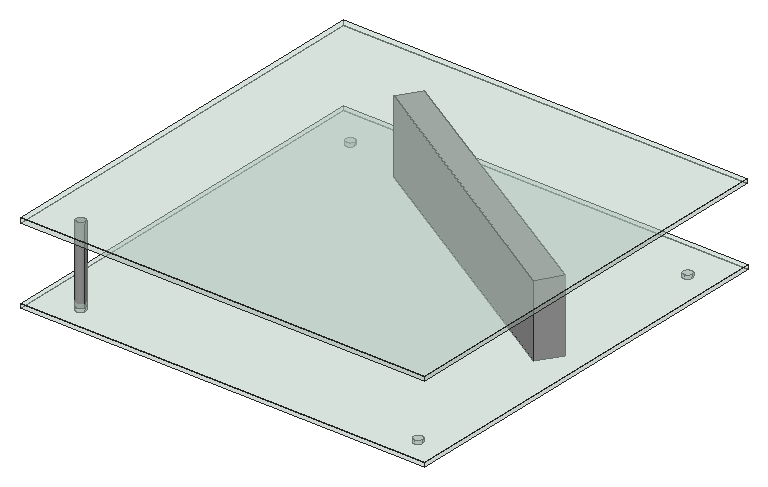
Revit family "Plane-LivingDivani", category Furniture, Revit 2013
Parameters (values of type "120x120")
  URL = "http://www.livingdivani.it"
  Model = "Plane"
  Mat. Vetro = Glass, Green
  Mat. Struttura = Steel, Polished
  Manufacturer = "Living Divani"
  Description = ""
  Codice prodotto = "PLAV120"
Reference planes (cm)
  plane 1 "Centro (Fronte/Retro)": y = 0
  plane 2: z = 0
  plane 3 "Centro (Sinistra/Destra)": x = 0
  plane 4 "top": z = 2.175
  plane 5 "base": z = 25
Forms (cm)
  Extrusion 1, solid, material "Linen, White", not visible
    sketch origin (0, 0, 0) x (1, 0, 0) y (0, 0, 1)
      loop
        line (-85, 18) -> (-85, 29.1823)
        arc (-85, 29.1823) -> (-80.169, 48.2596) -> (-84.4597, 67.4656) r 42.4528
        arc (-84.4597, 67.4656) -> (-85.5057, 68.8949) -> (-86.9843, 69.8699) r 5
        arc (-86.9843, 69.8699) -> (-93.3299, 70.9774) -> (-99.4999, 69.1268) r 14.0026
        arc (-99.4999, 69.1268) -> (-99.866, 68.7608) -> (-100, 68.2607) r 1
        line (-100, 68.2607) -> (-100, 18) -> (-85, 18)
    from -55 to 28.969
  Extrusion 2, void, not visible
    sketch origin (0, 0, 0) x (1, 0, 0) y (0, 1, 0)
      loop
        line (-78.5519, 33.5519) -> (-78.5519, 56.4969) -> (-100, 56.4969) -> (-100, 55) -> (-78.5519, 33.5519)
    from 0 to 88.2421
  Extrusion 3, solid, material "Linen, White", not visible
    sketch origin (0, 0, 0) x (-1, 0, 0) y (0, 0, -1)
      loop
        line (-85, -18) -> (-100, -18) -> (-100, -68.2607)
        arc (-100, -68.2607) -> (-99.866, -68.7608) -> (-99.4999, -69.1268) r 1
        arc (-99.4999, -69.1268) -> (-93.3299, -70.9774) -> (-86.9843, -69.8699) r 14.0026
        arc (-86.9843, -69.8699) -> (-85.5057, -68.8949) -> (-84.4597, -67.4656) r 5
        arc (-84.4597, -67.4656) -> (-80.169, -48.2596) -> (-85, -29.1823) r 42.4528
        line (-85, -29.1823) -> (-85, -18)
    from -55 to 28.969
  Extrusion 4, void, not visible
    sketch origin (0, 0, 0) x (-1, 0, 0) y (0, -1, 0)
      loop
        line (-78.5519, -33.5519) -> (-100, -55) -> (-100, -56.4969) -> (-78.5519, -56.4969) -> (-78.5519, -33.5519)
    from 0 to 88.2421
  Extrusion 5, solid, material "Glass, Green" <- "Mat. Vetro"
    sketch origin (0, 0, 0) x (1, 0, 0) y (0, 1, 0)
      loop
        line (-60, 59.9) -> (-60, -59.9) -> (60, -59.9) -> (60, 59.9) -> (-60, 59.9)
    from 23.575 to 25
  Extrusion 6, solid, material "Glass, Green" <- "Mat. Vetro"
    sketch origin (0, 0, -22.6) x (1, 0, 0) y (0, 1, 0)
      loop
        line (-60, 59.9) -> (-60, -59.9) -> (60, -59.9) -> (60, 59.9) -> (-60, 59.9)
    from 23.575 to 24.775
  Extrusion 7, solid, material "Steel, Polished" <- "Mat. Struttura"
    sketch origin (0, 0, 0) x (1, 0, 0) y (0, 1, 0)
      loop
        line (53.5033, -0.1112) -> (-26.3546, 47.5513) -> (-30.1983, 41.1112) -> (49.6596, -6.5513) -> (53.5033, -0.1112)
    from 2.175 to 23.575
  Extrusion 8, solid
    sketch origin (0, 0, 0) x (1, 0, 0) y (0, 1, 0)
      loop
        circle (-50, 50) r 1.3
      loop
        circle (50, 50) r 1.3
      loop
        circle (50, -50) r 1.3
      loop
        circle (-50, -50) r 1.3
    from 0 to 0.875
  Extrusion 9, solid, material "Steel, Polished" <- "Mat. Struttura"
    sketch origin (-51, 0, 2.175) x (1, 0, 0) y (0, 1, 0)
      loop
        circle (1, -50) r 1.3
    from -1.2 to 21.4
Lines and regions (cm)
  model lines, not visible
    curve 1: arc (142.5, 40, 40.4063) -> (142.5, -7.7258, 44.8408) -> (142.5, -55.6482, 43.9108) r 427.9768
    curve 2: arc (142.5, -55.6482, 43.9108) -> (142.5, -56.9941, 43.3917) -> (142.5, -57.8292, 42.2153) r 2.5
    curve 3: arc (142.5, -57.8292, 42.2153) -> (142.5, -58.6593, 36.9132) -> (142.5, -57.6808, 31.6365) r 15.9229
    curve 4: arc (142.5, -57.6808, 31.6365) -> (142.5, -56.765, 30.4495) -> (142.5, -55.3347, 30) r 2.5
    curve 5: line (350.8333, 40.8327, 61.8833) -> (350.8333, 44.8452, 76.858)
    curve 6: arc (350.8333, 19.2897, 45.6161) -> (350.8333, 23.0144, 61.3242) -> (350.8333, 28.8022, 76.3947) r 120.6881
    curve 7: line (350.8333, 42.4245, 80.0128) -> (350.8333, 34.5369, 80.0128)
    curve 8: arc (350.8333, 42.4245, 80.0128) -> (350.8333, 44.4127, 79.0323) -> (350.8333, 44.8452, 76.858) r 2.5061
    curve 9: arc (350.8333, 34.5369, 80.0128) -> (350.8333, 31.1465, 79.0327) -> (350.8333, 28.8022, 76.3947) r 6.3538
    curve 10: arc (350.8333, 21.3758, 42.8725) -> (350.8333, 19.7398, 43.7934) -> (350.8333, 19.2897, 45.6161) r 2.3659
    curve 11: arc (457.5, -41.1808, 29.528) -> (457.5, -40.2346, 28.4157) -> (457.5, -38.8347, 28) r 2.5652
    curve 12: arc (457.5, -41.3292, 42.2606) -> (457.5, -42.5488, 35.8792) -> (457.5, -41.1808, 29.528) r 16.3119
    curve 13: arc (457.5, -39.1482, 43.8503) -> (457.5, -40.4656, 43.3667) -> (457.5, -41.3292, 42.2606) r 2.5564
    curve 14: arc (457.5, 34.91, 41.2077) -> (457.5, -2.0467, 44.5571) -> (457.5, -39.1482, 43.8503) r 339.2674
    curve 15: arc (643.4167, 44.0083, 75.2794) -> (643.4167, 37.8383, 77.13) -> (643.4167, 31.4927, 76.0225) r 14.0026
    curve 16: arc (643.4167, 31.4927, 76.0225) -> (643.4167, 30.0141, 75.0475) -> (643.4167, 28.9681, 73.6182) r 5
    curve 17: arc (643.4167, 44.5084, 74.4133) -> (643.4167, 44.3744, 74.9134) -> (643.4167, 44.0083, 75.2794) r 1
    curve 18: line (643.4167, 44.5084, 24.1526) -> (643.4167, 44.5084, 74.4133)
    curve 19: arc (15, 39.4597, 67.4656) -> (15, 35.169, 48.2596) -> (15, 40, 29.1823) r 42.4528
    curve 20: arc (15, 41.9843, 69.8699) -> (15, 40.5057, 68.8949) -> (15, 39.4597, 67.4656) r 5
    curve 21: line (15, 55, 18) -> (15, 55, 68.2607)
    curve 22: arc (15, 55, 68.2607) -> (15, 54.866, 68.7608) -> (15, 54.4999, 69.1268) r 1
    curve 23: arc (15, 54.4999, 69.1268) -> (15, 48.3299, 70.9774) -> (15, 41.9843, 69.8699) r 14.0026
    curve 24: arc (0, -28.969, 37.1636) -> (0, -30.2309, 36.4485) -> (0, -30.8835, 35.1531) r 2.5
    curve 25: arc (0, 39.8911, 33.442) -> (0, 5.6044, 37.9554) -> (0, -28.969, 37.1636) r 225.0994
    curve 26: arc (0, -30.8835, 35.1531) -> (0, -31.5326, 27.5955) -> (0, -30.8835, 20.0379) r 44.3218
    curve 27: arc (0, -30.8835, 35.1531) -> (0, -31.5326, 27.5955) -> (0, -30.8835, 20.0379) r 44.3218
    curve 28: arc (91.6667, 39.8911, 38.442) -> (91.6667, 5.6044, 42.9554) -> (91.6667, -28.969, 42.1636) r 225.0994
    curve 29: arc (91.6667, -28.969, 42.1636) -> (91.6667, -30.2309, 41.4485) -> (91.6667, -30.8835, 40.1531) r 2.5
    curve 30: arc (91.6667, -30.8835, 40.1531) -> (91.6667, -31.5326, 32.5955) -> (91.6667, -30.8835, 25.0379) r 44.3218
    curve 31: arc (91.6667, -30.8835, 25.0379) -> (91.6667, -30.0394, 23.5895) -> (91.6667, -28.4701, 23) r 2.5
    curve 32: arc (643.4167, 29.3984, 39.5948) -> (643.4167, 25.1951, 57.0411) -> (643.4167, 29.3984, 74.4873) r 38.3075
    curve 33: arc (0, 54.4376, 69.1638) -> (0, 48.2677, 71.0144) -> (0, 41.9221, 69.9069) r 14.0026
    curve 34: arc (0, 41.9221, 69.9069) -> (0, 40.4434, 68.9319) -> (0, 39.3974, 67.5026) r 5
    curve 35: arc (0, 54.9377, 68.2977) -> (0, 54.8037, 68.7978) -> (0, 54.4376, 69.1638) r 1
    curve 36: line (0, 54.9377, 18.037) -> (0, 54.9377, 68.2977)
    curve 37: arc (0, 39.89, 33.4422) -> (0, 35.6867, 50.8419) -> (0, 39.8477, 68.2517) r 38.3075
Dimensions and locks (cm)
  aligned and locked: level to plane 2
  aligned and locked: plane 5 "base" to Extrusion 5
  aligned and locked: plane 4 "top" to Extrusion 6
  aligned and locked: Extrusion 7 to Extrusion 5
  aligned and locked: Extrusion 7 to plane 4 "top"
